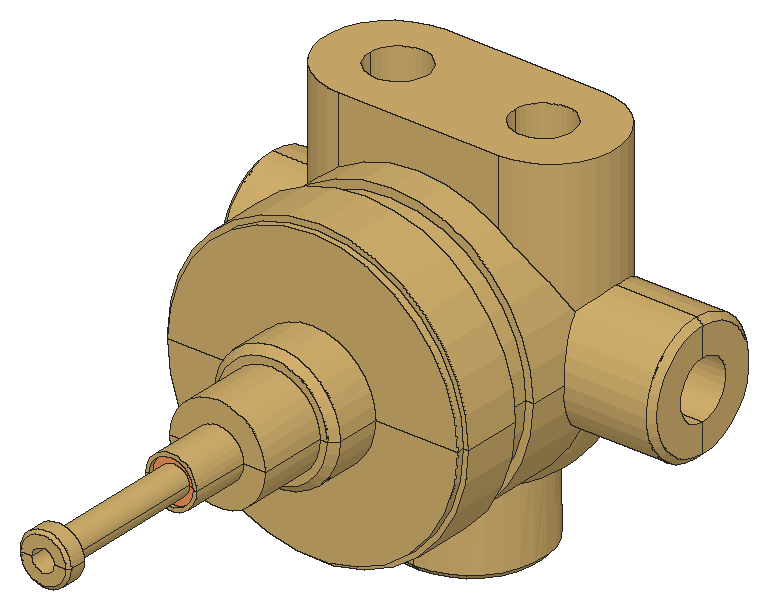
Revit family "Rough_In_Valve-GROHE-29714000", category Pipe Accessories, Revit 2014
Parameters (values of type "29714000")
  Width = 3 3/4"
  Waste Connection = no
  Warranty Information = "Limited Lifetime Warranty"
  WFU = 4
  Vent Connection = no
  URL = "https://www.grohe.us"
  Tempered Water Connection Diameter = 1/2"
  Product Page URL = "https://www.grohe.us/en_us/concealed-body-multi-hole-5-port-rough-in-valve-29714000.html"
  Price = "Prices may vary. Please consult Manufacturer Representative for most up-to-date price list."  # constant formula
  Outlet Diameter = 3/4"
  Model = "29714000"
  Material = "Copper-Grohe-000-Brass"
  Manufacturer = "GROHE"
  Installation Type = "Wall Installation"
  IAPMO Compliance = "cUPC"
  Hot Water Connection Diameter = 1/2"
  Height = 3 7/16"
  HWFU = 3
  HW Connection = yes
  Flow Rate = "18.5 gpm at 45 psi"
  Description = "5-Port Rough-in Valve"
  Default Elevation = 0"
  Creation Date = "11/1/2016"
  Cold Water Connection Radius = 1/4"
  Cold Water Connection Diameter = Cold Water Connection Radius * 2  # 1/2"
  CWFU = 2
  CW Connection = yes
  Assembly Code = "D2020"
Reference planes (in)
  plane 1 "Center (Front/Back)": y = 0
  plane 2: z = 0
  plane 3 "Center (Left/Right)": x = 0
  plane 4: z = 1.59375
  plane 5: z = -1.84375
Forms (in)
  Revolve 1, solid, material "Copper-Grohe-000-Brass"
    sketch origin (0, 7.65146, 0) x (-1, 0, 0) y (0, -1, 0)
      loop
        line (0, 10.87888) -> (0, 7.65146) -> (1.23437, 7.65146) -> (1.23437, 8.51467) -> (1.16032, 8.51467) -> (1.16032, 8.7956) -> (1.29823, 8.7956) -> (1.29823, 9.2956) -> (1.25, 9.2956) -> (1.25, 9.3581) -> (0.54227, 9.3581) -> (0.54227, 9.73388) -> (0.4797, 9.79646) -> (0.41326, 9.79646) -> (0.41326, 10.37888) -> (0.22015, 10.37888) -> (0.22015, 10.87888) -> (0.1889, 10.87888) -> (0.1889, 10.84763) -> (0.12746, 10.84763) -> (0.12746, 12.09757) -> (0.22015, 12.09757) -> (0.22015, 12.23274) -> (0.19365, 12.25925) -> (0.09621, 12.25925) -> (0.09621, 10.87888) -> (0, 10.87888)
      axis (0, 12.25925) -> (0, 7.65146)
    angle from 0 to 360
  Sweep 2, solid, material "Copper-Grohe-000-Brass"
    path origin (0, 0, 0) x (1, 0, 0) y (0, 0, 1)
      loop
        line (1.25, 1.59375) -> (1.25, -0.06398)
        arc (1.25, -0.06398) -> (0, -1.31398) -> (-1.25, -0.06398) r 1.25
        line (-1.25, -0.06398) -> (-1.25, 1.59375)
    profile origin (-1.25, 0, 0.76489) x (-1, 0, 0) y (0, -1, 0)
      loop
        line (-0.75, -0.5625) -> (-0.5625, -0.5625)
        arc (-0.5625, -0.5625) -> (0, 0) -> (-0.5625, 0.5625) r 0.5625
        line (-0.5625, 0.5625) -> (-0.75, 0.5625) -> (-0.75, -0.5625)
  Revolve 3, solid, material "Copper-Grohe-000-Brass"
    sketch origin (0, 0, 0) x (1, 0, 0) y (0, 0, 1)
      loop
        line (2, -0.25) -> (-1.75, -0.25) -> (-1.75, -0.5) -> (-1.70514, -0.54486) -> (1.94832, -0.54486) -> (2, -0.49318) -> (2, -0.25)
      axis (-1.75, 0) -> (2, 0)
    angle from 0 to 360
  Extrusion 4, solid, material "Copper-Grohe-000-Brass"
    sketch origin (0, 0, 0) x (1, 0, 0) y (0, 0, 1)
      loop
        line (0.5, 1.59375) -> (-0.5, 1.59375) -> (-0.5, -0.06398)
        arc (-0.5, -0.06398) -> (0, -0.56398) -> (0.5, -0.06398) r 0.5
        line (0.5, -0.06398) -> (0.5, 1.59375)
    from -0.5625 to 0.5625
  Revolve 5, solid, material "Copper-Grohe-000-Brass"
    sketch origin (0, 0, 0) x (0, 1, 0) y (0, 0, 1)
      loop
        line (0.375, -1.84375) -> (0.56349, -1.84375) -> (0.61517, -1.79207)
        arc (0.61517, -1.79207) -> (0.61699, -1.30256) -> (0.57889, -0.81453) r 5.99735
        arc (0.57889, -0.81453) -> (0.55338, -0.52887) -> (0.54486, -0.24219) r 4.83102
        line (0.54486, -0.24219) -> (0.54486, 0) -> (0.375, 0) -> (0.375, -1.84375)
      axis (0, 0) -> (0, -1.84375)
    angle from 0 to 360
  Extrusion 6, void
    sketch origin (0, 0, 0) x (1, 0, 0) y (0, 1, 0)
      loop
        circle (-0.625, 0) r 0.25
      loop
        circle (0.625, 0) r 0.25
    from 0 to 1.59375
Cuts and joins
  Extrusion 6 cuts Revolve 1
  Extrusion 6 cuts Sweep 2
  Extrusion 6 cuts Revolve 3
  Extrusion 6 cuts Extrusion 4
  Extrusion 6 cuts Revolve 5
  joined: Revolve 1, Sweep 2, Revolve 3, Extrusion 4, Revolve 5
Lines and regions (in)
  Masking region 1
    outline origin (0, 0, 0) x (1, 0, 0) y (0, 1, 0)
      loop
        line (-1.23437, -0.86322) -> (-1.16032, -0.86322) -> (-1.16032, -1.14415) -> (-1.29823, -1.14415) -> (-1.29823, -1.64415) -> (-1.25, -1.64415) -> (-1.25, -1.70665) -> (-0.54227, -1.70665) -> (-0.54227, -2.08243) -> (-0.4797, -2.145) -> (-0.41326, -2.145) -> (-0.41326, -2.72742) -> (-0.22015, -2.72742) -> (-0.22015, -3.22742) -> (-0.12746, -3.22742) -> (-0.12746, -4.44611) -> (-0.22015, -4.44611) -> (-0.22015, -4.58129) -> (-0.19365, -4.60779) -> (0.19365, -4.60779) -> (0.22015, -4.58129) -> (0.22015, -4.44611) -> (0.12746, -4.44611) -> (0.12746, -3.22742) -> (0.22015, -3.22742) -> (0.22015, -2.72742) -> (0.41326, -2.72742) -> (0.41326, -2.145) -> (0.4797, -2.145) -> (0.54227, -2.08243) -> (0.54227, -1.70665) -> (1.25, -1.70665) -> (1.25, -1.64415) -> (1.29823, -1.64415) -> (1.29823, -1.14415) -> (1.16032, -1.14415) -> (1.16032, -0.86322) -> (1.23437, -0.86322) -> (1.23437, -0.54488) -> (1.9483, -0.54488) -> (2, -0.49318) -> (2, 0.49318) -> (1.9483, 0.54488) -> (0.82718, 0.54488)
        arc (0.82718, 0.54488) -> (0.7579, 0.55808) -> (0.6875, 0.5625) r 0.5625
        line (0.6875, 0.5625) -> (0.26293, 0.5625)
        arc (0.26293, 0.5625) -> (0, 0.62152) -> (-0.26293, 0.5625) r 0.61517
        line (-0.26293, 0.5625) -> (-0.6875, 0.5625)
        arc (-0.6875, 0.5625) -> (-0.7579, 0.55808) -> (-0.82718, 0.54488) r 0.5625
        line (-0.82718, 0.54488) -> (-1.70512, 0.54488) -> (-1.75, 0.5) -> (-1.75, -0.5) -> (-1.70512, -0.54488) -> (-1.23437, -0.54488) -> (-1.23437, -0.86322)
  symbolic lines, detail levels medium+fine
    curve 1: line (-0.12746, -4.44611, 0) -> (0.12746, -4.44611, 0)
    curve 2: line (-0.22015, -2.72742, 0) -> (0.22015, -2.72742, 0)
    curve 3: line (-0.12746, -3.22742, 0) -> (0.12746, -3.22742, 0)
    curve 4: line (-0.54227, -1.70665, 0) -> (0.54227, -1.70665, 0)
    curve 5: line (-1.16032, -1.14415, 0) -> (1.16032, -1.14415, 0)
    curve 6: arc (-0.6875, -0.5625, 0) -> (-1.24558, -0.0704, 0) -> (-0.82718, 0.54488, 0) r 0.5625
    curve 7: line (-0.6875, -0.5625, 0) -> (0.6875, -0.5625, 0)
    curve 8: arc (0.6875, -0.5625, 0) -> (1.24558, -0.0704, 0) -> (0.82718, 0.54488, 0) r 0.5625
    curve 9: spline (-1.2345, -0.54521, 0) -> (-1.23342, -0.54287, 0) -> (-1.23119, -0.53722, 0) -> (-1.22782, -0.5283, 0) -> (-1.22333, -0.51616, 0) -> (-1.21775, -0.50089, 0) -> (-1.21112, -0.48258, 0) -> (-1.20348, -0.46135, 0) -> (-1.19487, -0.43735, 0) -> (-1.18536, -0.41072, 0) -> (-1.17501, -0.38164, 0) -> (-1.16387, -0.35029, 0) -> (-1.15204, -0.31688, 0)
    curve 10: spline (1.2345, -0.54521, 0) -> (1.23342, -0.54287, 0) -> (1.23119, -0.53722, 0) -> (1.22782, -0.5283, 0) -> (1.22333, -0.51616, 0) -> (1.21775, -0.50089, 0) -> (1.21112, -0.48258, 0) -> (1.20348, -0.46135, 0) -> (1.19487, -0.43735, 0) -> (1.18536, -0.41072, 0) -> (1.17501, -0.38164, 0) -> (1.16387, -0.35029, 0) -> (1.15204, -0.31688, 0)
    curve 11: line (-0.41326, -2.145, 0) -> (0.41326, -2.145, 0)
    curve 17: circle (-0.625, 0, 0) r 0.25 normal (0, 0, 1)
    curve 18: circle (0.625, 0, 0) r 0.25 normal (0, 0, 1)
  symbolic lines, detail levels fine
    curve 12: line (-1.25, -1.64415, 0) -> (1.25, -1.64415, 0)
    curve 13: line (0.54227, -2.08243, 0) -> (-0.54227, -2.08243, 0)
    curve 14: line (-1.70514, -0.54486, 0) -> (-1.70514, 0.54486, 0)
    curve 15: line (1.9483, 0.54488, 0) -> (1.9483, -0.54488, 0)
    curve 16: line (-1.16032, -0.86322, 0) -> (1.16032, -0.86322, 0)
Connectors (in)
  piping at (-0.625, 0, 1.59375), diameter 0.5, driven by "Tempered Water Connection Diameter", driven by "HWFU"
    settings: on cut or joined group of Revolve 1, Sweep 2, Revolve 3, Extrusion 4, Revolve 5, Extrusion 6, index 1, connector inside diameter 24", connector length 0", flow factor 0, pipe flow 0 GPM, pressure drop 0.00 psi, fitting loss kfactor 0, connector angle 0.00°, fixture units 3, engagement length 0", angle of deflection 0.00°, flow configuration 0, flow direction 2, fitting loss method 0, system type 29, joint type 0, gender type 0, connector reference index -1, connector utility 0, adjustable connector no, is connector primary yes, connector description "1/2\" NPT-FIP Supply Outlet"
  piping at (0.625, 0, 1.59375), diameter 0.5, driven by "Tempered Water Connection Diameter", driven by "CWFU"
    settings: on cut or joined group of Revolve 1, Sweep 2, Revolve 3, Extrusion 4, Revolve 5, Extrusion 6, index 2, connector inside diameter 24", connector length 0", flow factor 0, pipe flow 0 GPM, pressure drop 0.00 psi, fitting loss kfactor 0, connector angle 0.00°, fixture units 2, engagement length 0", angle of deflection 0.00°, flow configuration 0, flow direction 2, fitting loss method 0, system type 29, joint type 0, gender type 0, connector reference index -1, connector utility 0, adjustable connector no, is connector primary no, connector description "1/2\" NPT-FIP Hand Shower Supply Outlet"
  piping at (2, 0, 0), diameter 0.5, driven by "Cold Water Connection Diameter", driven by "CWFU"
    settings: on cut or joined group of Revolve 1, Sweep 2, Revolve 3, Extrusion 4, Revolve 5, Extrusion 6, index 4, connector inside diameter 24", connector length 0", flow factor 0, pipe flow 0 GPM, pressure drop 0.00 psi, fitting loss kfactor 0, connector angle 0.00°, fixture units 2, engagement length 0", angle of deflection 0.00°, flow configuration 3, flow direction 1, fitting loss method 0, system type 20, joint type 0, gender type 0, connector reference index -1, connector utility 0, adjustable connector no, is connector primary no, connector description "1/2\" NPT-FIP CW Supply Inlet"
  piping at (-1.75, 0, 0), diameter 0.5, driven by "Hot Water Connection Diameter", driven by "HWFU"
    settings: on cut or joined group of Revolve 1, Sweep 2, Revolve 3, Extrusion 4, Revolve 5, Extrusion 6, index 5, connector inside diameter 24", connector length 0", flow factor 0, pipe flow 0 GPM, pressure drop 0.00 psi, fitting loss kfactor 0, connector angle 0.00°, fixture units 3, engagement length 0", angle of deflection 0.00°, flow configuration 3, flow direction 1, fitting loss method 0, system type 19, joint type 0, gender type 0, connector reference index -1, connector utility 0, adjustable connector no, is connector primary no, connector description "1/2\" NPT-FIP HW Supply Inlet"
  piping at (0, 0, -1.84375), diameter 0.75, driven by "Outlet Diameter"
    settings: on cut or joined group of Revolve 1, Sweep 2, Revolve 3, Extrusion 4, Revolve 5, Extrusion 6, index 6, connector inside diameter 24", connector length 0", flow factor 0, pipe flow 0 GPM, pressure drop 0.00 psi, fitting loss kfactor 0, connector angle 0.00°, fixture units 0, engagement length 0", angle of deflection 0.00°, flow configuration 0, flow direction 2, fitting loss method 0, system type 29, joint type 0, gender type 0, connector reference index -1, connector utility 0, adjustable connector no, is connector primary no, connector description "3/4\" NPT-FIP Outlet"
